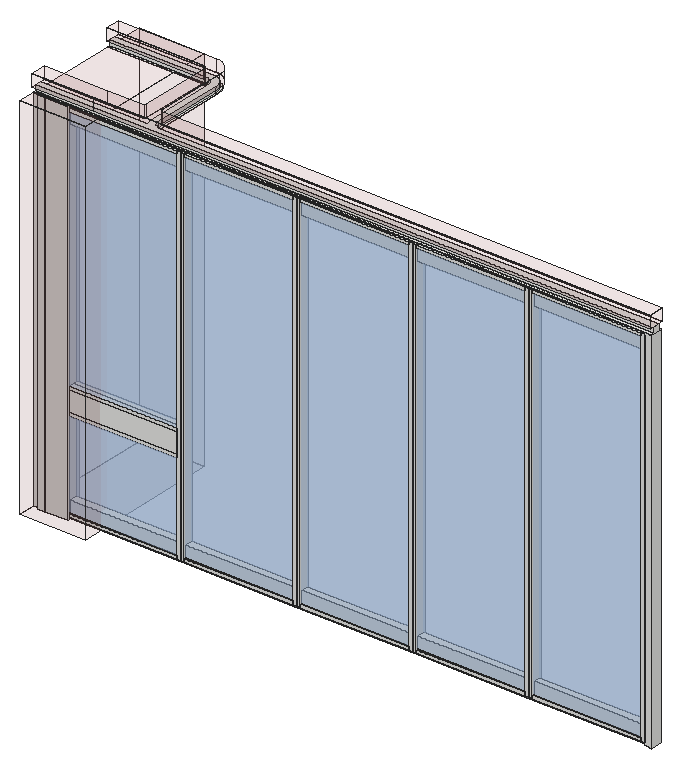
Revit family "Operable-Walls_Modernfold_Acousti-Clear_Automatic_Single-Panels_Expandable-Panel-Side-Stack", category Specialty Equipment, Revit 2026 (continued)
Definition of nested family "Type-IV-B"
  Dimensions and locks (in)
    aligned and locked: Extrusion 3 to plane 11
    aligned and locked: plane 9 to Extrusion 3
    aligned and locked: Extrusion 3 to plane 3
    aligned and locked: Extrusion 1 to plane 12
    aligned and locked: plane 10 to Extrusion 1
    aligned and locked: Extrusion 1 to plane 8
    aligned and locked: Extrusion 1 to plane 11
    aligned and locked: Extrusion 4 to plane 13
    aligned and locked: plane 12 to Extrusion 4
    aligned and locked: Extrusion 4 to plane 8
    aligned and locked: Extrusion 4 to plane 11
    aligned and locked: curve 2 to curve 7
    aligned and locked: Extrusion 7 to plane 12  (x2)
    aligned and locked: Extrusion 6 to plane 9
    aligned and locked: plane 13 to Extrusion 5
    aligned and locked: Extrusion 8 to Extrusion 7  (x2)
    aligned and locked: Extrusion 7 to Extrusion 8  (x2)
    aligned and locked: curve 4 to plane 10
    aligned and locked: plane 5 to Extrusion 3
    aligned and locked: plane 5 to Extrusion 4
    aligned and locked: plane 5 to Extrusion 7
    aligned and locked: plane 5 to Extrusion 1
    aligned and locked: plane 5 to Extrusion 8
    aligned and locked: plane 5 to Extrusion 2
    aligned and locked: plane 5 to Extrusion 6
    aligned and locked: plane 5 to Extrusion 5
    aligned and locked: Extrusion 3 to plane 7
    aligned and locked: Extrusion 4 to plane 7
    aligned and locked: Extrusion 6 to plane 7
    aligned and locked: Extrusion 5 to plane 7
    aligned and locked: Extrusion 7 to plane 7
    aligned and locked: Extrusion 1 to plane 7
    aligned and locked: Extrusion 2 to plane 7
    aligned and locked: Extrusion 8 to plane 7
    aligned and locked: plane 3 to Masking region 1 sketch curve
    aligned and locked: Masking region 1 sketch curve to plane 11
    aligned and locked: Masking region 1 sketch curve to plane 9
    aligned and locked: plane 8 to Masking region 1 sketch curve
    aligned and locked: plane 12 to Masking region 2 sketch curve
    aligned and locked: plane 11 to Masking region 3 sketch curve
    aligned and locked: plane 8 to Masking region 3 sketch curve
    aligned and locked: plane 2 "Left" to Masking region 3 sketch curve
    aligned and locked: plane 13 to Masking region 4 sketch curve
    aligned and locked: Masking region 4 sketch curve to plane 12
    aligned and locked: plane 11 to Masking region 4 sketch curve
    aligned and locked: plane 8 to Masking region 4 sketch curve
    aligned and locked: plane 12 to Masking region 3 sketch curve
    aligned and locked: plane 11 to curve 12
    aligned and locked: plane 10 to curve 12
    aligned and locked: Extrusion 9 sketch curve to curve 3
    aligned and locked: Extrusion 9 sketch curve to curve 4
    aligned and locked: Extrusion 9 sketch curve to curve 1
    aligned and locked: Extrusion 9 sketch curve to curve 2
    aligned and locked: Extrusion 9 sketch curve to curve 8
    aligned and locked: Extrusion 9 sketch curve to curve 9
    aligned and locked: Extrusion 9 sketch curve to curve 6
    aligned and locked: Extrusion 9 sketch curve to curve 7
    aligned and locked: plane 5 to Extrusion 9
    aligned and locked: Extrusion 9 to level
    aligned and locked: Masking region 5 sketch curve to Extrusion 8  (x6)
    aligned and locked: Masking region 6 sketch curve to Extrusion 6  (x6)
    aligned and locked: Masking region 7 sketch curve to Extrusion 5  (x6)
  Automatic sketch dimensions
    Extrusion 6 sketch curve to Extrusion 6 sketch curve = 0' - 0 1/8"
    Extrusion 6 sketch curve to Extrusion 6 sketch curve = 0' - 0 7/8"
    Extrusion 6 sketch curve to Extrusion 6 sketch curve = 0' - 3"
    Extrusion 5 sketch curve to Extrusion 5 sketch curve = 0' - 0 1/8"
    Extrusion 5 sketch curve to Extrusion 5 sketch curve = 0' - 0 7/8"
    Extrusion 5 sketch curve to Extrusion 5 sketch curve = 0' - 3"
    Extrusion 8 sketch curve to Extrusion 8 sketch curve = 0' - 0 1/8"
    Extrusion 8 sketch curve to Extrusion 8 sketch curve = 0' - 0 7/8"
    Extrusion 8 sketch curve to Extrusion 8 sketch curve = 0' - 3"
    Extrusion 1 sketch curve to plane 10 = 0' - 0"
    plane 6 "Panel Edge" to Extrusion 1 sketch curve = 0' - 0"
    Extrusion 1 sketch curve to plane 11 = 0' - 0"
    Extrusion 1 sketch curve to plane 12 = 0' - 0"
    Extrusion 1 sketch curve to plane 10 = 0' - 0.09186"
    Extrusion 1 sketch curve to Extrusion 1 sketch curve = 0' - 0.09186"
    plane 12 to Extrusion 1 sketch curve = 0' - 0.09186"
    plane 11 to Extrusion 1 sketch curve = 0' - 0.09186"
    Extrusion 2 sketch curve to plane 2 "Left" = 0' - 0"
    plane 6 "Panel Edge" to Extrusion 2 sketch curve = 0' - 0"
    Extrusion 2 sketch curve to plane 11 = 0' - 0"
    Extrusion 2 sketch curve to plane 10 = 0' - 0"
    plane 2 "Left" to Extrusion 2 sketch curve = 0' - 0.09186"  (x2)
    plane 10 to Extrusion 2 sketch curve = 0' - 0.09186"
    Extrusion 2 sketch curve to Extrusion 2 sketch curve = 0' - 0.09186"
    Extrusion 3 sketch curve to plane 9 = 0' - 0"
    plane 6 "Panel Edge" to Extrusion 3 sketch curve = 0' - 0"
    Extrusion 3 sketch curve to plane 11 = 0' - 0"
    Extrusion 3 sketch curve to plane 3 = 0' - 0"
    Extrusion 3 sketch curve to plane 9 = 0' - 0.09186"
    Extrusion 3 sketch curve to Extrusion 3 sketch curve = 0' - 0.09186"  (x2)
    plane 3 to Extrusion 3 sketch curve = 0' - 0.09186"
    Extrusion 4 sketch curve to plane 12 = 0' - 0"
    plane 6 "Panel Edge" to Extrusion 4 sketch curve = 0' - 0"
    Extrusion 4 sketch curve to plane 11 = 0' - 0"
    Extrusion 4 sketch curve to plane 13 = 0' - 0"
    Extrusion 4 sketch curve to plane 12 = 0' - 0.09186"
    Extrusion 4 sketch curve to Extrusion 4 sketch curve = 0' - 0.09186"  (x2)
    plane 13 to Extrusion 4 sketch curve = 0' - 0.09186"
    Extrusion 6 sketch curve to plane 9 = 0' - 0"
    plane 6 "Panel Edge" to Extrusion 6 sketch curve = 0' - 0"
    Extrusion 5 sketch curve to plane 13 = 0' - 0"
    Extrusion 5 sketch curve to plane 11 = 0' - 0"
    Extrusion 8 sketch curve to plane 11 = 0' - 0 7/8"
    plane 12 to Extrusion 8 sketch curve = 1' - 5 1/2"
    curve 13 to plane 10 = 0' - 0"
    plane 6 "Panel Edge" to curve 12 = 0' - 0"
    curve 5 to plane 11 = 0' - 0 1/2"
    Extrusion 7 sketch curve to plane 12 = 0' - 0"
    plane 12 to Extrusion 7 sketch curve = 0' - 0.09186"  (x2)
    Extrusion 7 sketch curve to Extrusion 7 sketch curve = 0' - 0.09186"  (x2)
    Extrusion 7 sketch curve to plane 11 = 0' - 1"
    Extrusion 7 sketch curve to Extrusion 7 sketch curve = 0' - 2.81628"
    radius of curve 5 = 0' - 0 1/2"
Definition of nested family "Modernfold Warning"
  Parameters (values of type "Modernfold Warning")
    Warning = "!"
    Text = "Design outside of constraints"
    Text 2 = ""
  Reference planes (in)
    plane 1: y = 0
    plane 2: x = 0
  Lines and regions (in)
    Filled region 1, type "Filled region 1"
      outline origin (0, 0, 0) x (1, 0, 0) y (0, 1, 0)
        loop
          line (0, 0.16703) -> (-0.16703, 0) -> (0, -0.16703) -> (0.16703, 0) -> (0, 0.16703)
  Text (in)
    label "!" at (-0.00306, 0.01684, 0), shows "Warning"
    label "10\" Overlap Required when Center Mount is in use" at (0.05084, -0.34731, 0), shows "Text"
Types (3): name | zTypIVB | zPDPL | zNoPckt | Pocket Door Secondary Leaf | Pocket Door Primary Leaf | Clearance Trail | Clearance Lead | Description | Clearance Width | Clearance Depth
  (no name) | no | 3' - 4" | yes | 0' - 0" | 0' - 0" | 1' - 1" | 0' - 9" | "Acousti-Clear - Expandable Panel - Single Panel - Side Stack - No Pocket Door" | 4' - 10" | 2' - 1 1/2"
  No Pocket Door | no | 3' - 4" | yes | 0' - 0" | 0' - 0" | 1' - 1" | 0' - 9" | "Acousti-Clear - Expandable Panel - Single Panel - Side Stack - No Pocket Door" | 4' - 10" | 2' - 1 1/2"
  Pocket Door Type IVB | yes | 3' - 7" | no | 3' - 7" | 3' - 7" | 1' - 4" | 1' - 0" | "Acousti-Clear - Expandable Panel - Single Panel - Side Stack - Pocket Door IVB" | 5' - 4" | 2' - 7 1/2"
